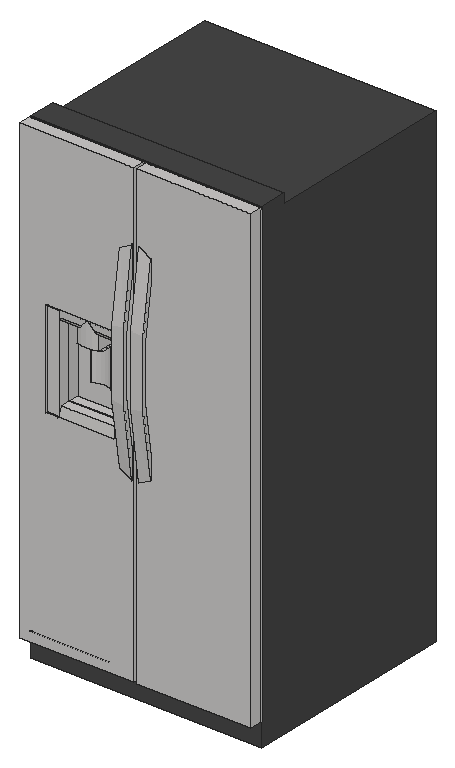
Revit family "M_Refrigerador-duas portas-com dispensador de gelo e água", category Equipamento especial, Revit 2019
Family settings
  Cota do conector redondo = Utilizar diâmetro
  Tipo de parte = Normal
  Número OmniClass = 23.40.40.14
  Título OmniClass = Food Service Equipment
  Com base no plano de trabalho = Não
  Sempre na vertical = Sim
  Corte com vazios quando carregada = Não
  Compartilhado = Não
  Ponto de cálculo do ambiente = Não
Parameters (values of type "850mm")
  Lente = Eletrodoméstico – Lente
  Junta = Eletrodoméstico – Junta
  Largura da porta = Largura / 2 - 5 mm  # 420 mm
  Largura = 850 mm
  Deslocamento de parede = 100 mm
  Voltagem = 120 V
  Mostrar legenda = yes
  Consumo de energia = 1000 VA
  Legenda = "Refrigerador"
  Altura = 1750 mm
  Descrição = "Refrigerador com duas portas, dispensador de gelo e água"
  Linear = 850 mm
  Código de montagem = "E1090320"
  Acabamento do eletrodoméstico = Eletrodoméstico – Aço inoxidável
  Corpo do eletrodoméstico = Eletrodoméstico – Aço – Preto
  Amperagem = Consumo de energia / Voltagem  # 8.33333 A
Reference planes
  plane 1 "Parte posterior": y = 0
  plane 2: z = 0
  plane 3 "Centro (Esquerda/Direita)": x = 0
  plane 4 "Esquerda": x = -425
  plane 5 "Direita": x = 425
  plane 6: y = -100
  plane 7 "Parte frontal": y = -950
  plane 8 "Traseira da porta": y = -899.2
  plane 9 "Corpo T.O": z = 1750
  plane 10 "Porta B.O.": z = 88.9
  plane 11 "Superior": z = 1784.925
  plane 12: x = -12.7
  plane 13: z = 1530.925
  plane 14: x = 12.7
  plane 15: z = 863.6
  plane 16 "Gelo T.O.": z = 1219.2
  plane 17 "Gelo – Água": x = -330.2
  plane 18: x = -76.2
Forms (mm)
  Extrusion 1, solid, material "Eletrodoméstico – Aço – Preto" <- "Corpo do eletrodoméstico"
    sketch origin (0, 0, 0) x (1, 0, 0) y (0, 1, 0)
      loop
        line (-425, -100) -> (-425, -899.2) -> (425, -899.2) -> (425, -100) -> (-425, -100)
    from 0 to 1750
  Extrusion 2, solid, material "Eletrodoméstico – Aço inoxidável" <- "Acabamento do eletrodoméstico"
    sketch origin (0, -950, 0) x (-1, 0, 0) y (0, 0, 1)
      loop
        line (425, 1784.925) -> (6.35, 1784.925) -> (6.35, 88.9) -> (425, 88.9) -> (425, 1784.925)
      loop
        line (-6.35, 1784.925) -> (-425, 1784.925) -> (-425, 88.9) -> (-6.35, 88.9) -> (-6.35, 1784.925)
    from 0 to 44.45
  Sweep 3, solid, material "Eletrodoméstico – Junta" <- "Junta", detail levels fine
    path in 3D
      loop
        line (-425, -950, 1784.925) -> (-425, -950, 88.9) -> (-6.35, -950, 88.9) -> (-6.35, -950, 1784.925) -> (-425, -950, 1784.925)
    profile origin (-215.675, -950, 1784.925) x (0, -1, 0) y (0, 0, 1)
      loop
        arc (-44.45, -3.175) -> (-47.625, 0) -> (-50.8, -3.175) r 3.175
        line (-50.8, -3.175) -> (-50.8, -19.05) -> (-44.45, -19.05) -> (-44.45, -3.175)
  Sweep 4, solid, material "Eletrodoméstico – Junta" <- "Junta", detail levels fine
    path in 3D
      loop
        line (6.35, -950, 1784.925) -> (6.35, -950, 88.9) -> (425, -950, 88.9) -> (425, -950, 1784.925) -> (6.35, -950, 1784.925)
    profile origin (215.675, -950, 1784.925) x (0, -1, 0) y (0, 0, 1)
      loop
        arc (-44.45, -3.175) -> (-47.625, 0) -> (-50.8, -3.175) r 3.175
        line (-50.8, -3.175) -> (-50.8, -19.05) -> (-44.45, -19.05) -> (-44.45, -3.175)
  Extrusion 5, void
    sketch origin (-330.2, 0, 0) x (0, 0, 1) y (0, -1, 0)
      loop
        line (1219.2, 950) -> (863.6, 950) -> (901.7, 943.65) -> (901.7, 867.45) -> (1181.1, 867.45) -> (1181.1, 935.029)
        arc (1181.1, 935.029) -> (1184.437, 943.609) -> (1192.693, 947.681) r 12.7
        line (1192.693, 947.681) -> (1219.2, 950)
    from 50.8 to 254
  Extrusion 6, solid, material "Eletrodoméstico – Aço inoxidável" <- "Acabamento do eletrodoméstico"
    sketch origin (0, 0, 1219.2) x (-1, 0, 0) y (0, -1, 0)
      loop
        arc (215.9, 943.65) -> (177.8, 950) -> (139.7, 943.65) r 117.475
        line (139.7, 943.65) -> (139.7, 867.45) -> (215.9, 867.45) -> (215.9, 943.65)
    from 0 to -88.791
  Extrusion 7, solid, material "Eletrodoméstico – Aço inoxidável" <- "Acabamento do eletrodoméstico", detail levels fine
    sketch origin (0, 0, 1219.2) x (-1, 0, 0) y (0, -1, 0)
      loop
        arc (139.7, 880.15) -> (177.8, 871.826) -> (215.9, 880.15) r 91.358
        arc (215.9, 880.15) -> (217.462, 884.36) -> (213.252, 885.921) r 3.175
        arc (213.252, 885.921) -> (177.8, 878.176) -> (142.348, 885.921) r 85.008
        arc (142.348, 885.921) -> (138.138, 884.36) -> (139.7, 880.15) r 3.175
    from -240.924 to -101.344
  Extrusion 8, void
    sketch origin (-330.2, 0, 0) x (0, 0, 1) y (0, -1, 0)
      loop
        arc (1216.025, 946.825) -> (1218.27, 947.755) -> (1219.2, 950) r 3.175
        line (1219.2, 950) -> (863.6, 950)
        arc (863.6, 950) -> (864.53, 947.755) -> (866.775, 946.825) r 3.175
        line (866.775, 946.825) -> (1216.025, 946.825)
    from 0 to 50.8
  Extrusion 9, solid, material "Eletrodoméstico – Aço – Preto" <- "Corpo do eletrodoméstico"
    sketch origin (0, 0, 0) x (0, 1, 0) y (0, 0, 1)
      loop
        line (-899.2, 1784.925) -> (-899.2, 1750) -> (-797.6, 1750) -> (-797.6, 1784.925) -> (-899.2, 1784.925)
    from -425 to 425
  Extrusion 10, solid, material "Eletrodoméstico – Aço – Preto" <- "Corpo do eletrodoméstico"
    sketch origin (0, -899.2, 0) x (-1, 0, 0) y (0, 0, 1)
      loop
        line (279.4, 1181.1) -> (76.2, 1181.1) -> (76.2, 901.7) -> (279.4, 901.7) -> (279.4, 1181.1)
      loop
        line (355.6, 1244.6) -> (50.8, 1244.6) -> (50.8, 838.2) -> (355.6, 838.2) -> (355.6, 1244.6)
    from 0 to -6.35
  Extrusion 11, solid, material "Eletrodoméstico – Lente" <- "Lente", detail levels fine
    sketch origin (-330.2, 0, 0) x (0, 0, 1) y (0, -1, 0)
      loop
        line (1130.409, 949.216) -> (1116.991, 920.441) -> (1116.991, 899.2) -> (1130.409, 867.45) -> (1130.409, 949.216)
    from 114.3 to 190.5
Cuts and joins
  Extrusion 5 cuts Extrusion 1
  joined: Extrusion 1, Extrusion 9, Extrusion 10
  Extrusion 5, Extrusion 8 cuts Extrusion 2
  joined: Extrusion 2, Extrusion 6
  Extrusion 5 cuts Sweep 3
Lines and regions (mm)
  Split face 1
    outline origin (-425, -100, 0) x (1, 0, 0) y (0, 0, -1)
      loop
        circle (697.6, -1597.6) r 50.8
  Split face 2
    outline origin (-425, -100, 0) x (1, 0, 0) y (0, 0, -1)
      loop
        circle (425, -88.9) r 50.8
  Masking region 1
    outline origin (0, 0, 0) x (1, 0, 0) y (0, 1, 0)
      loop
        line (-425, -100) -> (-425, -950) -> (425, -950) -> (425, -100) -> (-425, -100)
  Masking region 2, detail levels fine
    outline origin (0, 0, 0) x (1, 0, 0) y (0, 1, 0)
      loop
        line (-57.15, -950) -> (-57.15, -994.45) -> (-12.7, -994.45) -> (-12.7, -950) -> (-57.15, -950)
      loop
        line (12.7, -950) -> (12.7, -994.45) -> (57.15, -994.45) -> (57.15, -950) -> (12.7, -950)
  symbolic lines, style "Eletrodomésticos – Giro da planta", detail levels medium+fine
    curve 1: arc (-5, -950, 0) -> (-128.015, -1246.985, 0) -> (-425, -1370, 0) r 420
    curve 2: line (-425, -950, 0) -> (-425, -1370, 0)
    curve 3: arc (5, -950, 0) -> (128.015, -1246.985, 0) -> (425, -1370, 0) r 420
    curve 4: line (425, -1370, 0) -> (425, -950, 0)
  sketch lines
    curve 5: line (-6.35, -950, 1784.925) -> (-425, -950, 1784.925)
    curve 6: line (-6.35, -950, 88.9) -> (-6.35, -950, 1784.925)
    curve 7: line (-425, -950, 88.9) -> (-6.35, -950, 88.9)
    curve 8: line (-425, -950, 1784.925) -> (-425, -950, 88.9)
    curve 9: line (425, -950, 1784.925) -> (6.35, -950, 1784.925)
    curve 10: line (425, -950, 88.9) -> (425, -950, 1784.925)
    curve 11: line (6.35, -950, 88.9) -> (425, -950, 88.9)
    curve 12: line (6.35, -950, 1784.925) -> (6.35, -950, 88.9)
  symbolic lines, style "Eletrodomésticos"
    curve 13: line (-425, -950, 0) -> (-425, -100, 0)
    curve 14: line (425, -950, 0) -> (-425, -950, 0)
    curve 15: line (425, -100, 0) -> (425, -950, 0)
    curve 16: line (-425, -100, 0) -> (425, -100, 0)
    curve 17: line (-425, -899.2, 0) -> (425, -899.2, 0)
  symbolic lines, style "Eletrodomésticos", detail levels medium+fine
    curve 18: line (-5, -950, 0) -> (-5, -899.2, 0)
    curve 19: line (5, -950, 0) -> (5, -899.2, 0)
Dimensions and locks
  equal spacing: plane 4 "Esquerda", plane 3 "Centro (Esquerda/Direita)", plane 5 "Direita"
  "Largura": plane 4 "Esquerda" to plane 5 "Direita"
  "Linear": plane 6 to plane 7 "Parte frontal"
  "Deslocamento de parede": plane 1 "Parte posterior" to plane 6
  "Altura": plane 9 "Corpo T.O" to level
  plane 10 "Porta B.O." to level = 88.9 mm
  locked: plane 8 "Traseira da porta" to plane 7 "Parte frontal" at 50.8
  plane 11 "Superior" to plane 13 = 254 mm
  locked: Split face 1 sketch curve to plane 9 "Corpo T.O" at 152.4
  locked: plane 5 "Direita" to Split face 1 sketch curve at 152.4
  plane 12 to plane 3 "Centro (Esquerda/Direita)" to plane 14 = 12.7 mm locked, 12.7 mm locked
  Extrusion 2 sketch curve to plane 3 "Centro (Esquerda/Direita)" to Extrusion 2 sketch curve = 6.35 mm locked, 6.35 mm locked
  locked: plane 11 "Superior" to Sweep 3 sketch curve at 19.05
  locked: plane 11 "Superior" to Sweep 4 sketch curve at 19.05
  equal spacing: plane 6, nested 1, plane 8 "Traseira da porta"
  locked: plane 11 "Superior" to plane 9 "Corpo T.O" at 34.925
  locked: plane 16 "Gelo T.O." to plane 15 at 355.6
  plane 18 to plane 17 "Gelo – Água" = 254 mm
  locked: plane 3 "Centro (Esquerda/Direita)" to plane 18 at 76.2
  cut or joined group of Extrusion 2, Extrusion 5, Extrusion 6, Extrusion 8 to plane 17 "Gelo – Água" = 50.8 mm
  plane 16 "Gelo T.O." to Extrusion 7 to Extrusion 7 = 101.344 mm locked, 139.58 mm locked
  locked: Extrusion 8 to plane 17 "Gelo – Água" at 50.8
  locked: Extrusion 9 sketch curve to plane 8 "Traseira da porta" at 101.6
  plane 17 "Gelo – Água" to Extrusion 10 sketch curve = 25.4 mm
  locked: Extrusion 10 sketch curve to plane 16 "Gelo T.O." at 25.4
  locked: plane 15 to Extrusion 10 sketch curve at 25.4
  locked: Extrusion 10 sketch curve to plane 18 at 25.4
  locked: plane 15 to level at 863.6
  "Largura da porta": radius of curve 3
  "Largura da porta": radius of curve 1
  aligned and locked: plane 2 to level
  aligned and locked: Extrusion 1 sketch curve to plane 6
  aligned and locked: plane 4 "Esquerda" to Extrusion 1 sketch curve
  aligned and locked: plane 8 "Traseira da porta" to Extrusion 1 sketch curve
  aligned and locked: Extrusion 1 sketch curve to plane 5 "Direita"
  aligned and locked: plane 9 "Corpo T.O" to Extrusion 1
  aligned and locked: plane 3 "Centro (Esquerda/Direita)" to Split face 2 sketch curve
  aligned and locked: plane 10 "Porta B.O." to Split face 2 sketch curve
  aligned and locked: plane 4 "Esquerda" to Extrusion 2 sketch curve
  aligned and locked: Extrusion 2 sketch curve to plane 5 "Direita"
  aligned and locked: curve 17 to plane 8 "Traseira da porta"
  aligned and locked: plane 3 "Centro (Esquerda/Direita)" to nested 1
  aligned and locked: Masking region 1 sketch curve to plane 6
  aligned and locked: Masking region 1 sketch curve to plane 4 "Esquerda"
  aligned and locked: Masking region 1 sketch curve to plane 5 "Direita"
  aligned and locked: Extrusion 2 sketch curve to plane 11 "Superior"  (x2)
  aligned and locked: nested 2 to plane 14
  aligned and locked: nested 2 to plane 13
  aligned and locked: plane 12 to nested 3
  aligned and locked: plane 13 to nested 3
  aligned and locked: Extrusion 5 to plane 18
  aligned and locked: plane 16 "Gelo T.O." to Extrusion 6
  aligned and locked: plane 11 "Superior" to Extrusion 9 sketch curve
  aligned and locked: Extrusion 9 sketch curve to plane 8 "Traseira da porta"
  aligned and locked: Extrusion 9 sketch curve to plane 9 "Corpo T.O"
  aligned and locked: plane 5 "Direita" to Extrusion 9
  aligned and locked: Extrusion 9 to plane 4 "Esquerda"
  aligned and locked: cut or joined group of Extrusion 2, Extrusion 5, Extrusion 6, Extrusion 8 to Extrusion 10 sketch curve
  aligned and locked: Sweep 4 to Extrusion 10
  aligned and locked: Extrusion 10 sketch curve to cut or joined group of Extrusion 1, Extrusion 5, Extrusion 9, Extrusion 10  (x2)
  aligned and locked: cut or joined group of Extrusion 2, Extrusion 5, Extrusion 6, Extrusion 8 to Extrusion 11
  aligned and locked: Extrusion 11 to cut or joined group of Extrusion 2, Extrusion 5, Extrusion 6, Extrusion 8
  aligned and locked: plane 7 "Parte frontal" to Masking region 1 sketch curve
  aligned and locked: plane 10 "Porta B.O." to Extrusion 2 sketch curve  (x2)
  aligned and locked: Masking region 2 sketch curve to nested 3  (x4)
  aligned and locked: Masking region 2 sketch curve to nested 2  (x4)
Automatic sketch dimensions
  Sweep 3 sketch curve to profile plane = 3.175 mm
  profile plane to Sweep 3 sketch curve = 50.8 mm
  Sweep 3 sketch curve to Sweep 3 sketch curve = 3.175 mm
  Sweep 4 sketch curve to profile plane = 3.175 mm
  profile plane to Sweep 4 sketch curve = 50.8 mm
  Sweep 4 sketch curve to Sweep 4 sketch curve = 3.175 mm
  Extrusion 5 sketch curve to plane 7 "Parte frontal" = 0 mm
  Extrusion 5 sketch curve to plane 15 = 0 mm
  Extrusion 5 sketch curve to plane 16 "Gelo T.O." = 0 mm
  plane 7 "Parte frontal" to Extrusion 5 sketch curve = 6.35 mm
  plane 15 to Extrusion 5 sketch curve = 38.1 mm
  Extrusion 5 sketch curve to plane 16 "Gelo T.O." = 38.1 mm
  plane 7 "Parte frontal" to Extrusion 5 sketch curve = 2.319 mm
  Extrusion 5 sketch curve to Extrusion 5 sketch curve = 11.593 mm
  Extrusion 5 sketch curve to Extrusion 5 sketch curve = 1.107 mm
  plane 8 "Traseira da porta" to Extrusion 5 sketch curve = 31.75 mm
  Extrusion 6 sketch curve to plane 18 = 63.5 mm
  Extrusion 6 sketch curve to Extrusion 6 sketch curve = 38.1 mm  (x2)
  plane 8 "Traseira da porta" to Extrusion 6 sketch curve = 66.675 mm
  plane 8 "Traseira da porta" to Extrusion 6 sketch curve = 31.75 mm
  plane 7 "Parte frontal" to Extrusion 6 sketch curve = 6.35 mm
  Extrusion 7 sketch curve to Extrusion 7 sketch curve = 0 mm  (x5)
  plane 8 "Traseira da porta" to Extrusion 7 sketch curve = 16.164 mm  (x2)
  Extrusion 7 sketch curve to plane 18 = 64.824 mm
  Extrusion 7 sketch curve to plane 7 "Parte frontal" = 13.184 mm
  Extrusion 7 sketch curve to Extrusion 7 sketch curve = 36.776 mm
  Extrusion 7 sketch curve to Extrusion 7 sketch curve = 73.552 mm
  Extrusion 7 sketch curve to Extrusion 7 sketch curve = 1.324 mm
  Extrusion 8 sketch curve to plane 7 "Parte frontal" = 0 mm
  Extrusion 8 sketch curve to plane 15 = 0 mm
  Extrusion 8 sketch curve to plane 16 "Gelo T.O." = 0 mm
  plane 15 to Extrusion 8 sketch curve = 3.175 mm
  plane 17 "Gelo – Água" to Extrusion 10 sketch curve = 50.8 mm
  Extrusion 11 sketch curve to plane 8 "Traseira da porta" = 0 mm
  Extrusion 11 sketch curve to plane 8 "Traseira da porta" = 21.241 mm
  Extrusion 11 sketch curve to plane 16 "Gelo T.O." = 102.209 mm
  plane 8 "Traseira da porta" to Extrusion 11 sketch curve = 31.75 mm
  Extrusion 11 sketch curve to Extrusion 11 sketch curve = 13.418 mm
  plane 7 "Parte frontal" to Extrusion 11 sketch curve = 0.784 mm
  curve 1 to plane 4 "Esquerda" = 0 mm
  curve 19 to plane 7 "Parte frontal" = 0 mm
  curve 15 to plane 5 "Direita" = 0 mm
  curve 1 to plane 7 "Parte frontal" = 0 mm
  curve 2 to plane 7 "Parte frontal" = 0 mm
  curve 15 to plane 6 = 0 mm
  radius of Split face 1 sketch curve = 50.8 mm
  radius of Split face 2 sketch curve = 50.8 mm
Nested families
  nested 1: "Anotação de legenda de 2,5" at (0, -499.6, 0), visible <- "Mostrar legenda", type "Anotação de legenda de 2,5"
  nested 2: "M_Puxador" at (12.7, -950, 1140.925) x (-1, 0, 0) z (0, -1, 0), type "M_Puxador", detail levels fine
  nested 3: "M_Puxador" at (-12.7, -950, 1140.925) x (1, 0, 0) z (0, -1, 0), type "M_Puxador", detail levels fine
Connectors
  electrical at (272.6, -100, 1597.6), driven by "Voltagem", driven by "Consumo de energia"
    settings: on Extrusion 1, index 1, voltage 120 V, apparent load 1000 VA, apparent load phase1 0 VA, apparent load phase2 0 VA, apparent load phase3 0 VA, power factor 1, load classification "Eletrodoméstico", number of poles 1, system type 30, power factor state 1, is connector primary yes, connector utility no, sub classification motor no, connector description "Potência do refrigerador"
  piping at (0, -100, 88.9), diameter 6.35
    settings: on Extrusion 1, index 2, connector inside diameter 609.6 mm, connector length 0 mm, flow factor 0, pipe flow 0.0 L/s, pressure drop 0.0 Pa, fitting loss kfactor 0, connector angle 0.00°, fixture units 1, engagement length 0 mm, angle of deflection 0.00°, flow configuration 3, flow direction 1, fitting loss method 0, system type 20, joint type 0, gender type 0, connector reference index -1, connector utility 0, adjustable connector no, is connector primary yes, connector description "Gelo – Suprimento de água"
Definition of nested family "M_Puxador"
  Parameters (values of type "Puxador")
    Material = none
    Altura = 780 mm
    Default Elevation = 1200 mm
  Reference planes
    plane 1 "Centro (Frente/Trás)": y = 0
    plane 2: z = 0
    plane 3 "Centro (Esquerda/Direita)": x = 0
    plane 4: y = 390
    plane 5: y = -390
    plane 6: x = -44.45
    plane 7: y = 364.6
    plane 8: y = -364.6
    plane 9: z = 44.45
  Forms (mm)
    Blend 1, solid, material <- "Material"
      base sketch origin (0, 0, 0) x (0, 1, 0) y (0, 0, 1)
        loop
          line (-390, 0) -> (-288.4, 0)
          arc (-288.4, 0) -> (0, 31.865) -> (288.4, 0) r 1321.055
          line (288.4, 0) -> (390, 0)
          arc (390, 0) -> (0, 43.629) -> (-390, 0) r 1764.932
      top sketch origin (0, 0, 0) x (0, 1, 0) y (0, 0, 1)
        loop
          line (-364.6, 0) -> (-288.4, 0)
          arc (-288.4, 0) -> (0, 31.865) -> (288.4, 0) r 1321.055
          line (288.4, 0) -> (364.6, 0)
          arc (364.6, 0) -> (0, 43.574) -> (-364.6, 0) r 1547.163
      from 0 to -44.45
  Dimensions and locks
    locked: plane 6 to plane 3 "Centro (Esquerda/Direita)" at 44.45
    equal spacing: plane 4, plane 1 "Centro (Frente/Trás)", plane 5
    "Altura": plane 4 to plane 5
    locked: plane 8 to plane 5 at 25.4
    locked: plane 4 to plane 7 at 25.4
    plane 9 to level = 44.45 mm
    aligned and locked: level to plane 2
    aligned and locked: Blend 1 to plane 6
    aligned and locked: plane 3 "Centro (Esquerda/Direita)" to Blend 1
  Automatic sketch dimensions
    Blend 1 sketch curve to plane 8 = 0 mm
    Blend 1 sketch curve to level = 0 mm  (x4)
    Blend 1 sketch curve to plane 1 "Centro (Frente/Trás)" = 0 mm  (x4)
    Blend 1 sketch curve to level = 1289.19 mm  (x2)
    Blend 1 sketch curve to Blend 1 sketch curve = 214.399 mm
    plane 8 to Blend 1 sketch curve = 76.2 mm  (x2)
    Blend 1 sketch curve to plane 5 = 0 mm
    Blend 1 sketch curve to Blend 1 sketch curve = 432.113 mm
Definition of nested family "Anotação de legenda de 2,5"
  Parameters
    Legenda = "Congelador 36 LH"
  Reference planes
    plane 1: y = 0
    plane 2: x = 0
  Text (mm)
    label "Legenda" at (0.095, -0.088, 0), shows "Legenda"
